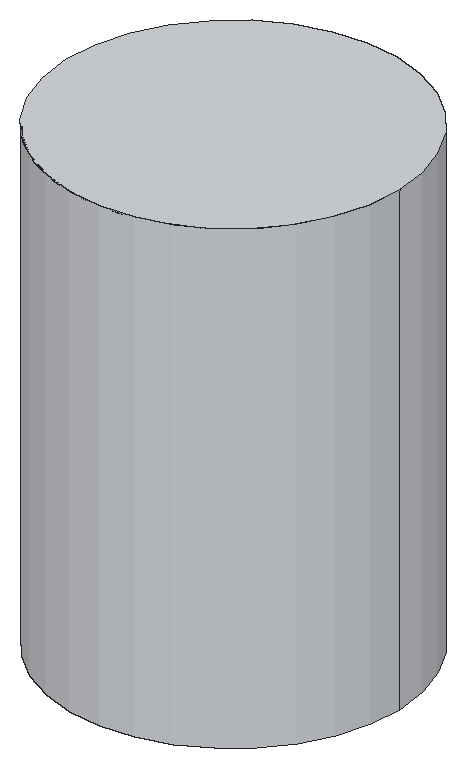
Revit family "Контейнер для флакона защитный", category Оборудование, Revit 2017
Family settings
  Размер круглого соединителя = Использовать диаметр
  Тип детали = Нормальный
  На основе рабочей плоскости = Нет
  Всегда вертикально = Да
  При загрузке вырезать с полостями = Нет
  Общий = Нет
  Точка расчета площади = Нет
Parameters (values of type "Тип")
  Общ_Ширина = 93.0 mm
  Общ_Тип, марка = "CF18T"
  Общ_Примечание КР [instance] = ""
  Общ_Примечание АР [instance] = ""
  Общ_Примечание = ""
  Общ_Поставщик = "Comecer"
  Общ_Позиция = ""
  Общ_Наименование = "Контейнер защитный для флакона с РФП. Защита из 29,5мм вольфрама"
  Общ_Масса = "14"
  Общ_Код продукции = ""
  Общ_Единицы измерения = "шт."
  Общ_Глубина = 93.0 mm
  Общ_Высота = 130.0 mm
  Keynote = ""
  Model = ""
Reference planes
  plane 1 "По центру (Вперед/Назад)": y = 0
  plane 2: z = 0
  plane 3 "По центру (Влево/Вправо)": x = 0
Forms (mm)
  Extrusion 1, solid
    sketch origin (0, 0, 0) x (1, 0, 0) y (0, 1, 0)
      loop
        circle (0, 0) r 46.5
    from 0 to 130
Dimensions and locks
  aligned and locked: level to plane 2
